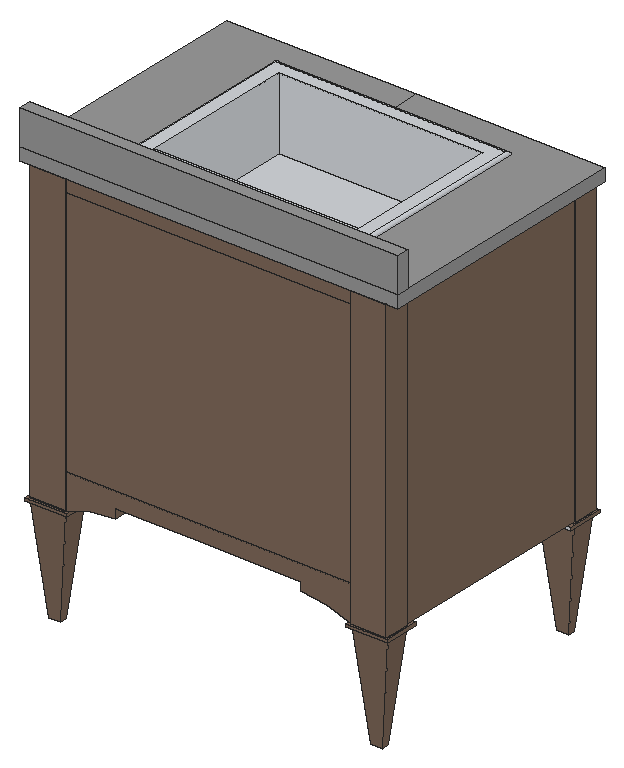
Revit family "Charlottesville w Brass 30 Vanity - Vintage Black", category Casework, host Wall, Revit 2020
Family settings
  Host = Wall
  OmniClass Number = 23.40.35.00
  OmniClass Title = Casework
  Always vertical = Yes
  Cut with Voids When Loaded = No
  Shared = No
  Room Calculation Point = No
Parameters
  Width = 2' - 6"
  WarrantyPeriod = 0
  WarrantyGuarantorParts = ""
  WarrantyGuarantorLabor = ""
  WarrantyDurationParts = 0
  WarrantyDurationLabor = 0
  WarrantyDescription = ""
  WarrantyContent = ""
  Size = ""
  Shape = ""
  SelfClosing = yes
  ReplacementCost = 0
  Reference = ""
  NominalWidth = 0
  NominalLength = 0
  NominalHeight = 0
  ModelReference = ""
  ModelLabel = ""
  MaterialPanel = ""
  Material = ""
  Length = 4' - 0"
  IsExtendedWarranty = 0
  Height of Countertop = 0' - 1"
  Height of Cabinet = 2' - 1"
  Height = 0' - 9"
  HandicapAccessible = yes
  Grade = ""
  GlobalTradeItemNumber = ""
  FireRating = ""
  Features = ""
  ExpectedLife = ""
  DurabilityRating = ""
  Depth = 1' - 9 1/2"
  Default Elevation = 2' - 4"
  CreatedBy = ""
  ConstructionMethod = ""
  Color = ""
  CodePerformance = ""
  BatchReference = ""
  BarCode = 0
  AssemblyPlace = ""
  ArticleNumber = ""
  Area = 0
  AccessibilityPerformance = ""
Reference planes (in)
  plane 1: y = 0
  plane 2 "Center (Left/Right)": x = 0
  plane 3 "Left": x = -15
  plane 4 "Right": x = 15
  plane 5 "Front": y = 24.5
  plane 6 "Back": y = 3
  plane 7 "Top": z = 9
  plane 8: x = 39
  plane 9: x = -39
  plane 10: z = 34
  plane 11: z = 33
  plane 12: z = 12
  plane 13: x = 12
  plane 14: x = -12
  plane 15: z = 32.9492187
  plane 16: x = 11.9492187
  plane 17: z = 32.3007812
  plane 18: z = 32.1992187
  plane 19: z = 26.5507812
  plane 20: z = 26.4492187
  plane 21: z = 19.3007812
  plane 22: z = 19.1992187
  plane 23: z = 12.0507812
  plane 24: x = -11.9492188
  plane 25: z = 35
Forms (in)
  Extrusion 1, solid
    sketch origin (0, 24.5, 0) x (1, 0, 0) y (0, 0, 1)
      loop
        line (12, 33) -> (-12, 33) -> (-12, 12) -> (12, 12) -> (12, 33)
      loop
        line (14.8515625, 34) -> (-14.8515625, 34) -> (-14.8515625, 9) -> (-12, 9)
        arc (-12, 9) -> (-9.9215182, 9.6857261) -> (-7.75, 9.9592503) r 11.3360996
        line (-7.75, 9.9592503) -> (-7.75, 10.6617407) -> (0, 10.6617407) -> (7.75, 10.6617407) -> (7.75, 9.9592503)
        arc (7.75, 9.9592503) -> (9.9215182, 9.6857261) -> (12, 9) r 11.3360996
        line (12, 9) -> (14.8515625, 9) -> (14.8515625, 34)
    from -0.25 to 21.5 <- "Depth"
  Extrusion 2, solid
    sketch origin (0, 24.5, 0) x (1, 0, 0) y (0, 0, 1)
      loop
        line (12, 33) -> (-12, 33) -> (-12, 12) -> (12, 12) -> (12, 33)
    from 21.4260487 to 21.5 <- "Depth"
  Blend 3, solid
    base sketch origin (0, 0, 0) x (1, 0, 0) y (0, 1, 0)
      loop
        line (-14, 23.75) -> (-14, 23.2288072) -> (-13, 23.2288072) -> (-13, 23.75) -> (-14, 23.75)
    top sketch origin (0, 0, 0) x (1, 0, 0) y (0, 1, 0)
      loop
        line (-15, 24.5) -> (-15, 22.4788072) -> (-12, 22.4788072) -> (-12, 24.5) -> (-15, 24.5)
    from 0 to 9 <- "Height"
  Blend 4, solid
    base sketch origin (0, 0, 0) x (-1, 0, 0) y (0, -1, 0)
      loop
        line (-14, -23.75) -> (-13, -23.75) -> (-13, -23.2288072) -> (-14, -23.2288072) -> (-14, -23.75)
    top sketch origin (0, 0, 0) x (-1, 0, 0) y (0, -1, 0)
      loop
        line (-15, -24.5) -> (-12, -24.5) -> (-12, -22.4788072) -> (-15, -22.4788072) -> (-15, -24.5)
    from 0 to 9 <- "Height"
  Blend 5, solid
    base sketch origin (0, 27.5, 0) x (-1, 0, 0) y (0, -1, 0)
      loop
        line (-14, 23.75) -> (-14, 23.2288072) -> (-13, 23.2288072) -> (-13, 23.75) -> (-14, 23.75)
    top sketch origin (0, 27.5, 0) x (-1, 0, 0) y (0, -1, 0)
      loop
        line (-15, 24.5) -> (-15, 22.4788072) -> (-12, 22.4788072) -> (-12, 24.5) -> (-15, 24.5)
    from 0 to 9 <- "Height"
  Blend 6, solid
    base sketch origin (0, 27.5, 0) x (1, 0, 0) y (0, 1, 0)
      loop
        line (-14, -23.75) -> (-13, -23.75) -> (-13, -23.2288072) -> (-14, -23.2288072) -> (-14, -23.75)
    top sketch origin (0, 27.5, 0) x (1, 0, 0) y (0, 1, 0)
      loop
        line (-15, -24.5) -> (-12, -24.5) -> (-12, -22.4788072) -> (-15, -22.4788072) -> (-15, -24.5)
    from 0 to 9 <- "Height"
  Extrusion 7, solid
    sketch origin (0, 24.5, 0) x (1, 0, 0) y (0, 0, 1)
      loop
        line (11.9492187, 32.1992187) -> (-11.9492188, 32.1992187) -> (-11.9492188, 26.5507812) -> (11.9492187, 26.5507812) -> (11.9492187, 32.1992187)
    from 0 to 2.5
  Extrusion 8, solid
    sketch origin (0, 24.5, 0) x (1, 0, 0) y (0, 0, 1)
      loop
        line (11.9492187, 26.4492187) -> (-11.9492188, 26.4492187) -> (-11.9492188, 19.3007812) -> (11.9492187, 19.3007812) -> (11.9492187, 26.4492187)
    from 0 to 12
  Extrusion 9, solid
    sketch origin (0, 24.5, 0) x (1, 0, 0) y (0, 0, 1)
      loop
        line (11.9492187, 19.1992187) -> (-11.9492188, 19.1992187) -> (-11.9492188, 12.0507812) -> (11.9492187, 12.0507812) -> (11.9492187, 19.1992187)
    from 0 to 12
  Extrusion 10, solid
    sketch origin (0, 24.5, 0) x (1, 0, 0) y (0, 0, 1)
      loop
        line (12, 33) -> (-12, 33) -> (-12, 32.3007812) -> (12, 32.3007812) -> (12, 33)
    from 0 to 2.0211928
  Extrusion 11, solid
    sketch origin (0, 24.5, 0) x (1, 0, 0) y (0, 0, 1)
      loop
        line (15.8199532, 35) -> (0, 35) -> (-15.8199532, 35) -> (-15.8199532, 34) -> (0, 34) -> (15.8199532, 34) -> (15.8199532, 35)
    from -0.2125735 to 21.5 <- "Depth"
  Extrusion 12, solid
    sketch origin (0, 24.5, 0) x (1, 0, 0) y (0, 0, 1)
      loop
        line (15.8199532, 37.9390591) -> (-15.8199532, 37.9390591) -> (-15.8199532, 35) -> (15.8199532, 35) -> (15.8199532, 37.9390591)
    from 20.4594869 to 21.5 <- "Depth"
  Extrusion 13, solid
    sketch origin (0, 24.5, -6.5) x (1, 0, 0) y (0, 0, 1)
      loop
        circle (0, 29.375) r 0.112942
    from -0.2125735 to 0
  Extrusion 14, solid
    sketch origin (0, 24.5, -13.75) x (1, 0, 0) y (0, 0, 1)
      loop
        circle (0, 29.375) r 0.112942
    from -0.2125735 to 0
  Extrusion 15, solid
    sketch origin (0, 24.5, 0) x (1, 0, 0) y (0, 0, 1)
      loop
        circle (0, 29.375) r 0.112942
    from -0.2125735 to 0
  Revolve 16, solid
    sketch origin (0, 24.8162778, 0) x (1, 0, 0) y (0, 0, 1)
      loop
        arc (0, 29.125) -> (0.25, 29.375) -> (0, 29.625) r 0.25
        line (0, 29.625) -> (0, 29.125)
      axis (0, 29.625) -> (0, 29.125)
    angle from 0 to 360
  Revolve 17, solid
    sketch origin (0, 24.8162778, -6.5) x (1, 0, 0) y (0, 0, 1)
      loop
        arc (0, 29.125) -> (0.25, 29.375) -> (0, 29.625) r 0.25
        line (0, 29.625) -> (0, 29.125)
      axis (0, 29.625) -> (0, 29.125)
    angle from 0 to 360
  Revolve 18, solid
    sketch origin (0, 24.8162778, -13.75) x (1, 0, 0) y (0, 0, 1)
      loop
        arc (0, 29.125) -> (0.25, 29.375) -> (0, 29.625) r 0.25
        line (0, 29.625) -> (0, 29.125)
      axis (0, 29.625) -> (0, 29.125)
    angle from 0 to 360
  Extrusion 19, void
    sketch origin (15, 24.5, 34) x (0, -1, 0) y (-1, 0, 0)
      loop
        line (2.1875, 24.875) -> (2.1875, 5.125) -> (17.8125, 5.125) -> (17.8125, 24.875) -> (2.1875, 24.875)
    from -5.3202266 to 1
  Extrusion 20, solid
    sketch origin (-15.0382805, 24.4778494, 34) x (1, 0, 0) y (0, 1, 0)
      loop
        line (30.25, 0.5) -> (26.75, 0.5) -> (26.75, -2.4990422) -> (30.25, -2.4990422) -> (30.25, 0.5)
    from -25.2410964 to -25
  Extrusion 21, solid
    sketch origin (15, 24.5, 34) x (-1, 0, 0) y (0, -1, 0)
      loop
        line (30, -0.348615) -> (30, 1.7711928) -> (27, 1.7711928) -> (27, -0.348615) -> (30, -0.348615)
    from -25 to 0
  Extrusion 22, solid
    sketch origin (-15.0382805, 24.5, 34) x (1, 0, 0) y (0, 1, 0)
      loop
        line (30, 0.348615) -> (27, 0.348615) -> (27, -1.7711928) -> (30, -1.7711928) -> (30, 0.348615)
    from -25 to 0
  Extrusion 23, solid
    sketch origin (-15.0382805, 3.25, 34) x (1, 0, 0) y (0, 1, 0)
      loop
        line (30, -0.348615) -> (30, 1.7711928) -> (27, 1.7711928) -> (27, -0.348615) -> (30, -0.348615)
    from -25 to 0
  Extrusion 24, solid
    sketch origin (15, 3.25, 34) x (-1, 0, 0) y (0, -1, 0)
      loop
        line (30, 0.25) -> (27, 0.25) -> (27, -1.7711928) -> (30, -1.7711928) -> (30, 0.25)
    from -25 to 0
  Extrusion 25, solid
    sketch origin (15.0382805, 24.4778494, 34) x (-1, 0, 0) y (0, -1, 0)
      loop
        line (30.25, -0.5) -> (30.25, 2.4990422) -> (26.75, 2.4990422) -> (26.75, -0.5) -> (30.25, -0.5)
    from -25.2410964 to -25
  Extrusion 26, solid
    sketch origin (15.0382805, 3.2721506, 34) x (-1, 0, 0) y (0, -1, 0)
      loop
        line (30.25, 0.5) -> (26.75, 0.5) -> (26.75, -2.4990422) -> (30.25, -2.4990422) -> (30.25, 0.5)
    from -25.2410964 to -25
  Extrusion 27, solid
    sketch origin (-15.0765609, 3.2721506, 34) x (1, 0, 0) y (0, 1, 0)
      loop
        line (30.25, -0.5) -> (30.25, 2.4990422) -> (26.75, 2.4990422) -> (26.75, -0.5) -> (30.25, -0.5)
    from -25.2410964 to -25
Cuts and joins
  Extrusion 19 cuts Extrusion 1
  Extrusion 19 cuts Extrusion 10
  Extrusion 19 cuts Extrusion 11
Text (in)
  text "Placement Side" at (0, 40.1514891, 123.0158834), in view "Right"
  text "Placement Side" at (-65.0940387, 56.7626177, 0), in view "Ref. Level"
  text "Placement Side" at (0, 47.4917554, 112.823923), in view "Left"
Dimensions and locks (in)
  locked: host wall to plane 6 "Back"
  "Depth": plane 6 "Back" to plane 5 "Front"
  equal spacing: plane 3 "Left", plane 2 "Center (Left/Right)", plane 4 "Right"
  plane 3 "Left" to plane 4 "Right" = 2' - 6"
  plane 7 "Top" to level = 0' - 9"
  "Height of Cabinet": plane 7 "Top" to plane 10
  locked: plane 13 to plane 4 "Right" at 3
  locked: plane 3 "Left" to plane 14 at 3
  locked: plane 11 to plane 10 at 1
  locked: plane 7 "Top" to plane 12 at 3
  "Width": plane 3 "Left" to plane 4 "Right"
  "Height": level to plane 7 "Top"
  locked: plane 12 to plane 23 at 0.0507813
  "Height of Countertop": plane 10 to plane 25
  aligned and locked: plane 13 to Extrusion 1 sketch curve
  aligned and locked: plane 10 to Extrusion 1 sketch curve
  aligned and locked: plane 11 to Extrusion 1 sketch curve
  aligned and locked: plane 14 to Extrusion 1 sketch curve
  aligned and locked: plane 7 "Top" to Extrusion 1 sketch curve
  aligned and locked: plane 12 to Extrusion 1 sketch curve
Automatic sketch dimensions
  Extrusion 1 sketch curve to plane 7 "Top" = 0' - 0"
  plane 14 to Extrusion 1 sketch curve = 0' - 0"
  Extrusion 1 sketch curve to plane 2 "Center (Left/Right)" = 0' - 0"
  plane 13 to Extrusion 1 sketch curve = 0' - 0"
  Extrusion 1 sketch curve to plane 3 "Left" = 0' - 0 19/128"
  Extrusion 1 sketch curve to plane 12 = 0' - 1.33826"
  Extrusion 1 sketch curve to plane 24 = 0' - 4 51/256"
  Extrusion 1 sketch curve to level = 0' - 1.37221"  (x2)
  Extrusion 1 sketch curve to plane 24 = 0' - 4.52354"
  Extrusion 1 sketch curve to plane 16 = 0' - 4.52354"
  Extrusion 1 sketch curve to plane 16 = 0' - 4 51/256"
  plane 4 "Right" to Extrusion 1 sketch curve = 0' - 0 19/128"
  Extrusion 2 sketch curve to plane 11 = 0' - 0"
  plane 14 to Extrusion 2 sketch curve = 0' - 0"
  plane 13 to Extrusion 2 sketch curve = 0' - 0"
  Extrusion 2 sketch curve to plane 12 = 0' - 0"
  Blend 3 sketch curve to plane 3 "Left" = 0' - 1"
  Blend 3 sketch curve to Blend 3 sketch curve = 0' - 1"
  plane 5 "Front" to Blend 3 sketch curve = 0' - 1.27119"
  Blend 3 sketch curve to Blend 3 sketch curve = 0' - 0.52119"
  Blend 3 sketch curve to plane 3 "Left" = 0' - 0"
  Blend 3 sketch curve to plane 14 = 0' - 0"
  plane 5 "Front" to Blend 3 sketch curve = 0' - 0"
  plane 5 "Front" to Blend 3 sketch curve = 0' - 2.02119"
  Blend 4 sketch curve to plane 4 "Right" = 0' - 1"
  Blend 4 sketch curve to Blend 4 sketch curve = 0' - 1"
  Blend 4 sketch curve to plane 5 "Front" = 0' - 1.27119"
  Blend 4 sketch curve to Blend 4 sketch curve = 0' - 0.52119"
  Blend 4 sketch curve to plane 4 "Right" = 0' - 0"
  Blend 4 sketch curve to plane 13 = 0' - 0"
  plane 5 "Front" to Blend 4 sketch curve = 0' - 0"
  Blend 4 sketch curve to plane 5 "Front" = 0' - 2.02119"
  plane 4 "Right" to Blend 5 sketch curve = 0' - 1"
  Blend 5 sketch curve to Blend 5 sketch curve = 0' - 1"
  host wall to Blend 5 sketch curve = 0' - 1.27119"
  Blend 5 sketch curve to Blend 5 sketch curve = 0' - 0.52119"
  Blend 5 sketch curve to plane 4 "Right" = 0' - 0"
  Blend 5 sketch curve to plane 13 = 0' - 0"
  Blend 5 sketch curve to host wall = 0' - 0"
  Blend 5 sketch curve to Blend 5 sketch curve = 0' - 2.02119"
  plane 3 "Left" to Blend 6 sketch curve = 0' - 1"
  Blend 6 sketch curve to Blend 6 sketch curve = 0' - 1"
  Blend 6 sketch curve to host wall = 0' - 1.27119"
  Blend 6 sketch curve to Blend 6 sketch curve = 0' - 0.52119"
  Blend 6 sketch curve to plane 3 "Left" = 0' - 0"
  Blend 6 sketch curve to plane 14 = 0' - 0"
  Blend 6 sketch curve to host wall = 0' - 0"
  Blend 6 sketch curve to Blend 6 sketch curve = 0' - 2.02119"
  Extrusion 7 sketch curve to plane 18 = 0' - 0"
  plane 24 to Extrusion 7 sketch curve = 0' - 0"
  Extrusion 7 sketch curve to plane 16 = 0' - 0"
  Extrusion 7 sketch curve to plane 19 = 0' - 0"
  Extrusion 8 sketch curve to plane 20 = 0' - 0"
  plane 24 to Extrusion 8 sketch curve = 0' - 0"
  Extrusion 8 sketch curve to plane 16 = 0' - 0"
  Extrusion 8 sketch curve to plane 21 = 0' - 0"
  Extrusion 9 sketch curve to plane 22 = 0' - 0"
  plane 24 to Extrusion 9 sketch curve = 0' - 0"
  Extrusion 9 sketch curve to plane 16 = 0' - 0"
  Extrusion 9 sketch curve to plane 23 = 0' - 0"
  Extrusion 10 sketch curve to plane 11 = 0' - 0"
  plane 14 to Extrusion 10 sketch curve = 0' - 0"
  plane 13 to Extrusion 10 sketch curve = 0' - 0"
  Extrusion 10 sketch curve to plane 17 = 0' - 0"
  Extrusion 11 sketch curve to plane 25 = 0' - 0"
  Extrusion 11 sketch curve to plane 10 = 0' - 0"
  Extrusion 11 sketch curve to plane 2 "Center (Left/Right)" = 0' - 0"  (x2)
  plane 3 "Left" to Extrusion 11 sketch curve = 0' - 0.81995"
  Extrusion 11 sketch curve to plane 4 "Right" = 0' - 0.81995"
  Extrusion 12 sketch curve to plane 25 = 0' - 0"
  plane 3 "Left" to Extrusion 12 sketch curve = 0' - 0.81995"
  Extrusion 12 sketch curve to plane 4 "Right" = 0' - 0.81995"
  plane 25 to Extrusion 12 sketch curve = 0' - 2.93906"
  Extrusion 13 sketch curve to plane 2 "Center (Left/Right)" = 0' - 0"
  Extrusion 13 sketch curve to plane 20 = 0' - 3 147/256"
  Extrusion 14 sketch curve to plane 2 "Center (Left/Right)" = 0' - 0"
  Extrusion 14 sketch curve to plane 22 = 0' - 3 147/256"
  Extrusion 15 sketch curve to plane 2 "Center (Left/Right)" = 0' - 0"
  Extrusion 15 sketch curve to plane 18 = 0' - 2 211/256"
  Revolve 16 sketch curve to plane 2 "Center (Left/Right)" = 0' - 0"  (x2)
  plane 19 to Revolve 16 sketch curve = 0' - 2 147/256"
  Revolve 16 sketch curve to Revolve 16 sketch curve = 0' - 0 1/4"
  Revolve 16 sketch curve to Revolve 16 sketch curve = 0' - 0"  (x2)
  Revolve 17 sketch curve to plane 2 "Center (Left/Right)" = 0' - 0"  (x2)
  plane 21 to Revolve 17 sketch curve = 0' - 3 83/256"
  Revolve 17 sketch curve to Revolve 17 sketch curve = 0' - 0 1/4"
  Revolve 17 sketch curve to Revolve 17 sketch curve = 0' - 0"  (x2)
  Revolve 18 sketch curve to plane 2 "Center (Left/Right)" = 0' - 0"  (x2)
  Revolve 18 sketch curve to plane 23 = 0' - 3 83/256"
  Revolve 18 sketch curve to Revolve 18 sketch curve = 0' - 0 1/4"
  Revolve 18 sketch curve to Revolve 18 sketch curve = 0' - 0"  (x2)
  Extrusion 20 sketch curve to Extrusion 1 = 0' - 0.22785"
  Extrusion 20 sketch curve to Extrusion 1 = 0' - 3.13984"
  Extrusion 1 to Extrusion 20 sketch curve = 0' - 0.36016"
  Extrusion 1 to Extrusion 20 sketch curve = 0' - 2.77119"
  Extrusion 21 sketch curve to Extrusion 1 = 0' - 0.09861"
  Extrusion 21 sketch curve to Extrusion 1 = 0' - 2 109/128"
  Extrusion 1 to Extrusion 21 sketch curve = 0' - 0 19/128"
  Extrusion 1 to Extrusion 21 sketch curve = 0' - 2.02119"
  Extrusion 22 sketch curve to Extrusion 1 = 0' - 0.09861"
  Extrusion 22 sketch curve to Extrusion 1 = 0' - 2.88984"
  Extrusion 1 to Extrusion 22 sketch curve = 0' - 0.11016"
  Extrusion 1 to Extrusion 22 sketch curve = 0' - 2.02119"
  Extrusion 23 sketch curve to Extrusion 1 = 0' - 0.09861"
  Extrusion 23 sketch curve to Extrusion 1 = 0' - 2.88984"
  Extrusion 1 to Extrusion 23 sketch curve = 0' - 0.11016"
  Extrusion 1 to Extrusion 23 sketch curve = 0' - 2.02119"
  Extrusion 24 sketch curve to Extrusion 1 = 0' - 0"
  Extrusion 24 sketch curve to Extrusion 1 = 0' - 2 109/128"
  Extrusion 1 to Extrusion 24 sketch curve = 0' - 0 19/128"
  Extrusion 1 to Extrusion 24 sketch curve = 0' - 2.02119"
  Extrusion 25 sketch curve to Extrusion 1 = 0' - 0.22785"
  Extrusion 25 sketch curve to Extrusion 1 = 0' - 3.13984"
  Extrusion 1 to Extrusion 25 sketch curve = 0' - 0.36016"
  Extrusion 1 to Extrusion 25 sketch curve = 0' - 2.77119"
  Extrusion 26 sketch curve to Extrusion 1 = 0' - 0.22785"
  Extrusion 26 sketch curve to Extrusion 1 = 0' - 3.13984"
  Extrusion 1 to Extrusion 26 sketch curve = 0' - 0.36016"
  Extrusion 1 to Extrusion 26 sketch curve = 0' - 2.77119"
  Extrusion 27 sketch curve to Extrusion 1 = 0' - 0.22785"
  Extrusion 27 sketch curve to Extrusion 1 = 0' - 3.17812"
  Extrusion 1 to Extrusion 27 sketch curve = 0' - 0.32188"
  Extrusion 1 to Extrusion 27 sketch curve = 0' - 2.77119"
  Extrusion 1 to Extrusion 19 sketch curve = 0' - 2 7/16"
  Extrusion 1 to Extrusion 19 sketch curve = 0' - 3 11/16"
  Extrusion 19 sketch curve to Extrusion 1 = 0' - 4 125/128"  (x2)
  radius of Extrusion 13 sketch curve = 0' - 0.11294"
  radius of Extrusion 14 sketch curve = 0' - 0.11294"
  radius of Extrusion 15 sketch curve = 0' - 0.11294"
Nested families (in)
  nested 1: "Sink Undermount -  Empress Bouquet" at (0, 14.5, 1.25), type "Sink Undermount -  Empress Bouquet"
Definition of nested family "Sink Undermount -  Empress Bouquet"
  Parameters (values of type "Sink Undermount -  Empress Bouquet")
    Default Elevation = 0' - 0"
  Reference planes (in)
    plane 1 "Center (Front/Back)": y = 0
    plane 2: z = 0
    plane 3 "Center (Left/Right)": x = 0
    plane 4: z = 34
  Forms (in)
    Sweep 1, solid
      path origin (0, 0, 0) x (1, 0, 0) y (0, 1, 0)
        loop
          line (-9.875, 7.8125) -> (-9.875, -7.8125) -> (9.875, -7.8125) -> (9.875, 7.8125) -> (-9.875, 7.8125)
      profile origin (0, 7.8125, 0) x (0, 1, 0) y (0, 0, 1)
        loop
          line (-0.25, 34) -> (-1.3125, 34) -> (-1.7145792, 28.25) -> (-4.3039181, 28.25) -> (-4.3039181, 28) -> (-1.5274014, 28) -> (-1.1253222, 33.75) -> (0, 33.75)
          arc (0, 33.75) -> (-0.0732233, 33.9267767) -> (-0.25, 34) r 0.25
    Extrusion 2, solid
      sketch origin (-5.5710819, 3.5085819, 28.25) x (1, 0, 0) y (0, 1, 0)
        loop
          line (0, 0) -> (0, -7.0171638) -> (11.1421638, -7.0171638) -> (11.1421638, 0) -> (0, 0)
        loop
          circle (5.5710819, -3.5085819) r 0.5
      from -0.25 to 0
  Cuts and joins
    joined: Sweep 1, Extrusion 2
  Dimensions and locks (in)
    aligned and locked: level to plane 2
    aligned and locked: Sweep 1 to Extrusion 2  (x2)
